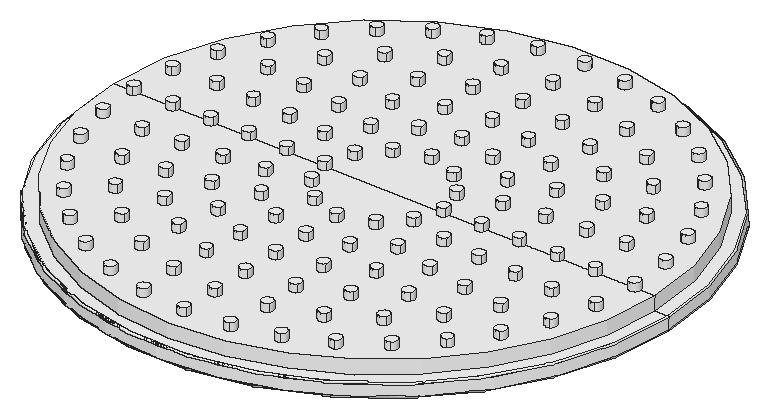
Revit family "Reece_Shower_GROHE_Rainshower_Overhead Shower_210mm", category Plumbing Fixtures, host Face, Revit 2018
Family settings
  Host = Face
  Round Connector Dimension = Use Diameter
  Part Type = Normal
  Cut with Voids When Loaded = No
  Shared = Yes
  Room Calculation Point = Yes
Parameters (values of type "Chrome")
  WFU = 0  # constant formula
  URL = "https://www.reece.com.au/product/-9506844"
  Type Comments = "Shower"
  Reece_Shower_Inlet = 12 mm  # constant formula
  Reece_Product_Web Page = "https://www.reece.com.au/product/-9506844"
  Reece_Product_Type = "Shower"  # constant formula
  Reece_Product_Sub Brand = "Rainshower"  # constant formula
  Reece_Product_Number = "9506844"
  Reece_Product_Mount = "Ceiling Mounted"
  Reece_Product_Description = "GROHE Rainshower Overhead Shower 210mm Chrome (3 Star)"
  Reece_Product_Brand = "GROHE"  # constant formula
  Reece_Overall_Height = 41 mm  # constant formula
  Reece_Overall-Diameter = 210 mm  # constant formula
  Reece_Material_Main [instance] = Reece_Brass_Chrome
  Reece_Detail_Disclaimer = "THIS FILE IS THE PROPERTY OF THE REECE GROUP. IT MAY NOT BE REPRODUCED, REVERSE-ENGINEERED OR MODIFIED. ANY REPUBLICATION, TRANSMISSION OR DISTRIBUTION FOR THE PURPOSE OF COMMERCIALLY EXPLOITING THE FILES IS PROHIBITED."  # constant formula
  Reece_Detail_Additional = "Overhead Shower"  # constant formula
  Model = "Rainshower"
  Manufacturer = "GROHE"
  Keynote = "Product #9506844, Reece_Shower_GROHE_Rainshower_Overhead Shower_210mm - Chrome"
  HWFU = 0  # constant formula
  Disclaimer = "THIS FILE IS THE PROPERTY OF THE REECE GROUP. IT MAY NOT BE REPRODUCED, REVERSE-ENGINEERED OR MODIFIED. ANY REPUBLICATION, TRANSMISSION OR DISTRIBUTION FOR THE PURPOSE OF COMMERCIALLY EXPLOITING THE FILES IS PROHIBITED."  # constant formula
  Description = "GROHE Rainshower Overhead Shower 210mm Chrome (3 Star)"
  Default Elevation = 0 mm
  CWFU = 0  # constant formula
Reference planes
  plane 1 "Center (Front/Back)": y = 0
  plane 2: z = 0
  plane 3 "Center (Left/Right)": x = 0
  plane 4: y = 105
  plane 5: y = -105
  plane 6: z = 41
  plane 7: x = -105
  plane 8: x = 105
Forms (mm)
  Revolve 1, solid, material "Reece_Brass_Chrome" <- "Reece_Material_Main"
    sketch origin (0, 0, -187) x (1, 0, 0) y (0, 0, 1)
      loop
        line (100, 220.4) -> (100, 225.4) -> (0, 225.4) -> (0, 187) -> (6, 187) -> (6, 191.03) -> (7.047, 191.03) -> (7.047, 187) -> (12.047, 187) -> (12.047, 193.754)
        arc (12.047, 193.754) -> (11.711, 194.564) -> (10.901, 194.9) r 1.146
        line (10.901, 194.9) -> (10.035, 194.9)
        arc (10.035, 194.9) -> (9.565, 195.752) -> (9.343, 196.7) r 3.564
        line (9.343, 196.7) -> (9.343, 197.7)
        arc (9.343, 197.7) -> (9.446, 198.332) -> (9.743, 198.9) r 2
        line (9.743, 198.9) -> (16.168, 198.9)
        arc (16.168, 198.9) -> (16.646, 199.098) -> (16.843, 199.575) r 0.675
        line (16.843, 199.575) -> (16.843, 202.7) -> (17.643, 202.7)
        arc (17.643, 202.7) -> (18.124, 202.888) -> (18.349, 203.352) r 0.707
        line (18.349, 203.352) -> (19, 211.7)
        arc (19, 211.7) -> (20.276, 214.333) -> (23, 215.4) r 4.012
        line (23, 215.4) -> (104.5, 215.4)
        arc (104.5, 215.4) -> (104.854, 215.546) -> (105, 215.9) r 0.5
        line (105, 215.9) -> (105, 219.9)
        arc (105, 219.9) -> (104.854, 220.254) -> (104.5, 220.4) r 0.5
        line (104.5, 220.4) -> (100, 220.4)
      axis (0, 225.4) -> (0, 187)
    angle from 0 to 360
  Extrusion 2, solid, material "Reece_Brass_Chrome" <- "Reece_Material_Main", detail levels fine
    sketch origin (2.068, -0.55, -4) x (0.866025, -0.5, 0) y (0.5, 0.866025, 0)
      loop
        circle (9.236, 17.47) r 2
      loop
        circle (-1.292, 20.706) r 2
      loop
        circle (19.65, 27.744) r 2
      loop
        circle (7.167, 33.9) r 2
      loop
        circle (-6.723, 34.811) r 2
      loop
        circle (31.171, 36.357) r 2
      loop
        circle (18.138, 44.821) r 2
      loop
        circle (3.126, 48.844) r 2
      loop
        circle (-12.394, 48.03) r 2
      loop
        circle (42.957, 44.466) r 2
      loop
        circle (29.77, 54.585) r 2
      loop
        circle (14.413, 60.946) r 2
      loop
        circle (-2.066, 63.116) r 2
      loop
        circle (-18.546, 60.946) r 2
      loop
        circle (54.752, 52.149) r 2
      loop
        circle (41.607, 63.465) r 2
      loop
        circle (26.275, 71.575) r 2
      loop
        circle (9.522, 76.064) r 2
      loop
        circle (-7.81, 76.73) r 2
      loop
        circle (-24.854, 73.517) r 2
      loop
        circle (68.722, 58.841) r 2
      loop
        circle (57.332, 70.231) r 2
      loop
        circle (44.137, 79.47) r 2
      loop
        circle (29.539, 86.277) r 2
      loop
        circle (13.98, 90.446) r 2
      loop
        circle (-2.066, 91.85) r 2
      loop
        circle (-18.113, 90.446) r 2
      loop
        circle (-33.671, 86.277) r 2
      loop
        circle (-23.329, -1.331) r 2
      loop
        circle (-20.868, 9.404) r 2
      loop
        circle (-37.434, -5.214) r 2
      loop
        circle (-36.524, 8.675) r 2
      loop
        circle (-30.368, 21.159) r 2
      loop
        circle (-50.654, -10.885) r 2
      loop
        circle (-51.467, 4.635) r 2
      loop
        circle (-47.445, 19.646) r 2
      loop
        circle (-38.981, 32.68) r 2
      loop
        circle (-63.57, -17.037) r 2
      loop
        circle (-65.739, -0.557) r 2
      loop
        circle (-63.57, 15.922) r 2
      loop
        circle (-57.209, 31.279) r 2
      loop
        circle (-47.09, 44.466) r 2
      loop
        circle (-76.12, -23.41) r 2
      loop
        circle (-79.348, -6.368) r 2
      loop
        circle (-78.705, 10.965) r 2
      loop
        circle (-74.216, 27.718) r 2
      loop
        circle (-66.127, 43.06) r 2
      loop
        circle (-54.822, 56.215) r 2
      loop
        circle (-88.901, -32.162) r 2
      loop
        circle (-93.07, -16.604) r 2
      loop
        circle (-94.473, -0.557) r 2
      loop
        circle (-93.07, 15.489) r 2
      loop
        circle (-88.901, 31.048) r 2
      loop
        circle (-82.093, 45.646) r 2
      loop
        circle (-72.854, 58.841) r 2
      loop
        circle (-61.464, 70.231) r 2
      loop
        circle (19.197, 0.217) r 2
      loop
        circle (16.735, -10.518) r 2
      loop
        circle (33.302, 4.099) r 2
      loop
        circle (32.391, -9.79) r 2
      loop
        circle (26.235, -22.274) r 2
      loop
        circle (46.521, 9.77) r 2
      loop
        circle (47.335, -5.75) r 2
      loop
        circle (43.312, -20.761) r 2
      loop
        circle (34.848, -33.795) r 2
      loop
        circle (59.437, 15.922) r 2
      loop
        circle (61.607, -0.557) r 2
      loop
        circle (59.437, -17.037) r 2
      loop
        circle (53.076, -32.394) r 2
      loop
        circle (42.957, -45.581) r 2
      loop
        circle (71.988, 22.295) r 2
      loop
        circle (75.216, 5.253) r 2
      loop
        circle (74.572, -12.079) r 2
      loop
        circle (70.083, -28.833) r 2
      loop
        circle (61.994, -44.175) r 2
      loop
        circle (50.69, -57.329) r 2
      loop
        circle (84.768, 31.048) r 2
      loop
        circle (88.937, 15.489) r 2
      loop
        circle (90.341, -0.557) r 2
      loop
        circle (88.937, -16.604) r 2
      loop
        circle (84.768, -32.162) r 2
      loop
        circle (77.961, -46.761) r 2
      loop
        circle (68.722, -59.956) r 2
      loop
        circle (57.332, -71.345) r 2
      loop
        circle (-13.368, -18.585) r 2
      loop
        circle (-2.84, -21.82) r 2
      loop
        circle (-23.783, -28.859) r 2
      loop
        circle (-11.299, -35.015) r 2
      loop
        circle (2.59, -35.925) r 2
      loop
        circle (-35.304, -37.472) r 2
      loop
        circle (-22.27, -45.936) r 2
      loop
        circle (-7.259, -49.958) r 2
      loop
        circle (8.261, -49.145) r 2
      loop
        circle (-47.09, -45.581) r 2
      loop
        circle (-33.903, -55.7) r 2
      loop
        circle (-18.546, -62.061) r 2
      loop
        circle (-2.066, -64.23) r 2
      loop
        circle (14.413, -62.061) r 2
      loop
        circle (-58.884, -53.264) r 2
      loop
        circle (-45.74, -64.58) r 2
      loop
        circle (-30.407, -72.689) r 2
      loop
        circle (-13.654, -77.178) r 2
      loop
        circle (3.677, -77.844) r 2
      loop
        circle (20.722, -74.631) r 2
      loop
        circle (-72.854, -59.956) r 2
      loop
        circle (-61.464, -71.345) r 2
      loop
        circle (-48.27, -80.584) r 2
      loop
        circle (-33.671, -87.392) r 2
      loop
        circle (-18.113, -91.561) r 2
      loop
        circle (-2.066, -92.964) r 2
      loop
        circle (13.98, -91.561) r 2
      loop
        circle (29.539, -87.392) r 2
      loop
        circle (16.979, 10.313) r 2
      loop
        circle (29.103, 17.313) r 2
      loop
        circle (41.227, 24.313) r 2
      loop
        circle (53.352, 31.313) r 2
      loop
        circle (65.476, 38.313) r 2
      loop
        circle (-21.003, -11.616) r 2
      loop
        circle (-33.127, -18.616) r 2
      loop
        circle (-45.252, -25.616) r 2
      loop
        circle (-57.376, -32.616) r 2
      loop
        circle (-69.5, -39.616) r 2
      loop
        circle (-82.11, -46.775) r 2
      loop
        circle (77.981, 45.654) r 2
      loop
        circle (-13.125, 18.379) r 2
      loop
        circle (-20.125, 30.504) r 2
      loop
        circle (-27.125, 42.628) r 2
      loop
        circle (-34.125, 54.752) r 2
      loop
        circle (-41.125, 66.877) r 2
      loop
        circle (-48.187, 79.542) r 2
      loop
        circle (8.804, -19.602) r 2
      loop
        circle (15.804, -31.727) r 2
      loop
        circle (22.804, -43.851) r 2
      loop
        circle (29.804, -55.975) r 2
      loop
        circle (36.804, -68.1) r 2
      loop
        circle (44.242, -80.549) r 2
    from 42.4 to 45
  Extrusion 3, void
    sketch origin (0, 0, 0) x (1, 0, 0) y (0, 0, 1)
      loop
        line (-5.649, 7.158) -> (-5.649, 0) -> (5.751, 0) -> (5.751, 7.177)
        arc (5.751, 7.177) -> (5.529, 7.81) -> (4.96, 8.164) r 1.012
        arc (4.96, 8.164) -> (0.015, 8.688) -> (-4.92, 8.082) r 21.881
        arc (-4.92, 8.082) -> (-5.445, 7.746) -> (-5.649, 7.158) r 0.951
    from 7.91 to 15.941
  Extrusion 4, void
    sketch origin (0, 0, 0) x (1, 0, 0) y (0, 0, -1)
      loop
        arc (-5.649, -7.158) -> (-5.445, -7.746) -> (-4.92, -8.082) r 0.951
        arc (-4.92, -8.082) -> (0.015, -8.688) -> (4.96, -8.164) r 21.881
        arc (4.96, -8.164) -> (5.529, -7.81) -> (5.751, -7.177) r 1.012
        line (5.751, -7.177) -> (5.751, 0) -> (-5.649, 0) -> (-5.649, -7.158)
    from 7.81 to 15.95
Cuts and joins
  Extrusion 3, Extrusion 4 cuts Revolve 1
Text (mm)
  text "Reece Copyright © 2018, Reece Ltd." at (-684.407, -223.434, 0), in view "Ref. Level"
  text "Reece ©" at (-376.822, 575.02, -217.389), in view "Reece_Preview"
Dimensions and locks
  equal spacing: plane 4, plane 1 "Center (Front/Back)", plane 5
  "Reece_Overall-Diameter": plane 4 to plane 5
  "Reece_Overall_Height": plane 6 to level
  aligned and locked: host face to plane 2
  aligned and locked: level to host face
Automatic sketch dimensions
  host sketch curve to host sketch curve = 444.296 mm
  host sketch curve to host sketch curve = 436.293 mm
  Extrusion 2 sketch curve to Extrusion 2 sketch curve = 0 mm  (x109)
  Extrusion 2 sketch curve to Extrusion 2 sketch curve = 15.125 mm
  Extrusion 2 sketch curve to Extrusion 2 sketch curve = 14.365 mm  (x2)
  Extrusion 2 sketch curve to Extrusion 2 sketch curve = 12.78 mm  (x2)
  Extrusion 2 sketch curve to Extrusion 2 sketch curve = 14.685 mm  (x2)
  Extrusion 2 sketch curve to Extrusion 2 sketch curve = 12.61 mm
  Extrusion 2 sketch curve to Extrusion 2 sketch curve = 15.966 mm
  Extrusion 2 sketch curve to Extrusion 2 sketch curve = 13.609 mm  (x2)
  Extrusion 2 sketch curve to Extrusion 2 sketch curve = 12.551 mm  (x2)
  Extrusion 2 sketch curve to Extrusion 2 sketch curve = 10.646 mm  (x2)
  Extrusion 2 sketch curve to Extrusion 2 sketch curve = 13.97 mm  (x2)
  Extrusion 2 sketch curve to Extrusion 2 sketch curve = 12.124 mm  (x14)
  Extrusion 2 sketch curve to Extrusion 2 sketch curve = 8.918 mm  (x2)
  Extrusion 2 sketch curve to Extrusion 2 sketch curve = 6.642 mm  (x2)
  Extrusion 2 sketch curve to Extrusion 2 sketch curve = 14.272 mm  (x4)
  Extrusion 2 sketch curve to Extrusion 2 sketch curve = 12.916 mm  (x4)
  Extrusion 2 sketch curve to Extrusion 2 sketch curve = 9.764 mm  (x4)
  Extrusion 2 sketch curve to Extrusion 2 sketch curve = 11.794 mm  (x2)
  Extrusion 2 sketch curve to Extrusion 2 sketch curve = 7.732 mm  (x2)
  Extrusion 2 sketch curve to Extrusion 2 sketch curve = 2.53 mm
  Extrusion 2 sketch curve to Extrusion 2 sketch curve = 7.062 mm
  Extrusion 2 sketch curve to Extrusion 2 sketch curve = 8.109 mm  (x4)
  Extrusion 2 sketch curve to Extrusion 2 sketch curve = 13.22 mm  (x4)
  Extrusion 2 sketch curve to Extrusion 2 sketch curve = 0.91 mm  (x2)
  Extrusion 2 sketch curve to Extrusion 2 sketch curve = 11.786 mm  (x4)
  Extrusion 2 sketch curve to Extrusion 2 sketch curve = 7 mm  (x12)
  Extrusion 2 sketch curve to Extrusion 2 sketch curve = 11.837 mm  (x2)
  Extrusion 2 sketch curve to Extrusion 2 sketch curve = 3.264 mm  (x2)
  Extrusion 2 sketch curve to Extrusion 2 sketch curve = 6.156 mm  (x4)
  Extrusion 2 sketch curve to Extrusion 2 sketch curve = 8.817 mm  (x2)
  Extrusion 2 sketch curve to Extrusion 2 sketch curve = 9.345 mm  (x2)
  Extrusion 2 sketch curve to Extrusion 2 sketch curve = 14.105 mm
  Extrusion 2 sketch curve to Extrusion 2 sketch curve = 11.633 mm  (x4)
  Extrusion 2 sketch curve to Extrusion 2 sketch curve = 2.326 mm
  Extrusion 2 sketch curve to Extrusion 2 sketch curve = 2.462 mm
  Extrusion 2 sketch curve to Extrusion 2 sketch curve = 10.243 mm  (x2)
  Extrusion 2 sketch curve to Extrusion 2 sketch curve = 11.861 mm  (x2)
  Extrusion 2 sketch curve to Extrusion 2 sketch curve = 6.308 mm  (x2)
  Extrusion 2 sketch curve to Extrusion 2 sketch curve = 4.458 mm  (x2)
  Extrusion 2 sketch curve to Extrusion 2 sketch curve = 7.635 mm
  Extrusion 2 sketch curve to Extrusion 2 sketch curve = 7.743 mm  (x2)
  Extrusion 2 sketch curve to Extrusion 2 sketch curve = 6.152 mm  (x4)
  Extrusion 2 sketch curve to Extrusion 2 sketch curve = 12.484 mm  (x4)
  Extrusion 2 sketch curve to Extrusion 2 sketch curve = 10.303 mm
  Extrusion 2 sketch curve to Extrusion 2 sketch curve = 4.041 mm  (x2)
  Extrusion 2 sketch curve to Extrusion 2 sketch curve = 13.402 mm
  Extrusion 2 sketch curve to Extrusion 2 sketch curve = 10.528 mm  (x2)
  Extrusion 2 sketch curve to Extrusion 2 sketch curve = 5.192 mm  (x4)
  Extrusion 2 sketch curve to Extrusion 2 sketch curve = 16.046 mm
  Extrusion 2 sketch curve to Extrusion 2 sketch curve = 5.743 mm  (x2)
  Extrusion 2 sketch curve to Extrusion 2 sketch curve = 11.832 mm
  Extrusion 2 sketch curve to Extrusion 2 sketch curve = 13.889 mm  (x4)
  Extrusion 2 sketch curve to Extrusion 2 sketch curve = 5.671 mm  (x3)
  Extrusion 2 sketch curve to Extrusion 2 sketch curve = 11.645 mm
  Extrusion 2 sketch curve to Extrusion 2 sketch curve = 17.331 mm
  Extrusion 2 sketch curve to Extrusion 2 sketch curve = 4.892 mm
  Extrusion 2 sketch curve to Extrusion 2 sketch curve = 13.214 mm  (x2)
  Extrusion 2 sketch curve to Extrusion 2 sketch curve = 7.931 mm
  Extrusion 2 sketch curve to Extrusion 2 sketch curve = 10.971 mm  (x3)
  Extrusion 2 sketch curve to Extrusion 2 sketch curve = 2.218 mm
  Extrusion 2 sketch curve to Extrusion 2 sketch curve = 10.431 mm  (x2)
  Extrusion 2 sketch curve to Extrusion 2 sketch curve = 11.521 mm  (x3)
  Extrusion 2 sketch curve to Extrusion 2 sketch curve = 4.199 mm  (x2)
  Extrusion 2 sketch curve to Extrusion 2 sketch curve = 8.613 mm  (x3)
  Extrusion 2 sketch curve to Extrusion 2 sketch curve = 10.921 mm  (x3)
  Extrusion 2 sketch curve to Extrusion 2 sketch curve = 14.598 mm  (x3)
  Extrusion 2 sketch curve to Extrusion 2 sketch curve = 7.438 mm
  Extrusion 2 sketch curve to Extrusion 2 sketch curve = 14.943 mm  (x3)
  Extrusion 2 sketch curve to Extrusion 2 sketch curve = 13.195 mm  (x3)
  Extrusion 2 sketch curve to Extrusion 2 sketch curve = 12.103 mm
  Extrusion 2 sketch curve to Extrusion 2 sketch curve = 11.39 mm  (x3)
  Extrusion 2 sketch curve to Extrusion 2 sketch curve = 15.135 mm
  Extrusion 2 sketch curve to Extrusion 2 sketch curve = 9.239 mm  (x3)
  Extrusion 2 sketch curve to Extrusion 2 sketch curve = 12.505 mm
  Extrusion 2 sketch curve to Extrusion 2 sketch curve = 4.169 mm  (x3)
  Extrusion 2 sketch curve to Extrusion 2 sketch curve = 1.404 mm  (x3)
  Extrusion 2 sketch curve to Extrusion 2 sketch curve = 0.774 mm
  Extrusion 2 sketch curve to Extrusion 2 sketch curve = 3.882 mm
  Extrusion 2 sketch curve to Extrusion 2 sketch curve = 5.811 mm  (x2)
  Extrusion 2 sketch curve to Extrusion 2 sketch curve = 10.735 mm  (x2)
  Extrusion 2 sketch curve to Extrusion 2 sketch curve = 10.284 mm
  Extrusion 2 sketch curve to Extrusion 2 sketch curve = 11.522 mm
  Extrusion 2 sketch curve to Extrusion 2 sketch curve = 4.524 mm  (x2)
  Extrusion 2 sketch curve to Extrusion 2 sketch curve = 4.958 mm  (x2)
  Extrusion 2 sketch curve to Extrusion 2 sketch curve = 6.969 mm
  Extrusion 2 sketch curve to Extrusion 2 sketch curve = 9.084 mm
  Extrusion 2 sketch curve to Extrusion 2 sketch curve = 3.236 mm  (x2)
  Extrusion 2 sketch curve to Extrusion 2 sketch curve = 6.373 mm  (x2)
  Extrusion 2 sketch curve to Extrusion 2 sketch curve = 11.795 mm  (x2)
  Extrusion 2 sketch curve to Extrusion 2 sketch curve = 8.752 mm  (x2)
  Extrusion 2 sketch curve to Extrusion 2 sketch curve = 3.33 mm  (x2)
  Extrusion 2 sketch curve to Extrusion 2 sketch curve = 11.781 mm  (x2)
  Extrusion 2 sketch curve to Extrusion 2 sketch curve = 7.159 mm
  Extrusion 2 sketch curve to Extrusion 2 sketch curve = 7.683 mm  (x2)
  Extrusion 2 sketch curve to Extrusion 2 sketch curve = 11.748 mm  (x2)
  Extrusion 2 sketch curve to Extrusion 2 sketch curve = 6.692 mm  (x2)
  Extrusion 2 sketch curve to Extrusion 2 sketch curve = 16.125 mm  (x2)
  Extrusion 2 sketch curve to Extrusion 2 sketch curve = 8.88 mm  (x2)
  Extrusion 2 sketch curve to Extrusion 2 sketch curve = 14.016 mm  (x2)
  Extrusion 2 sketch curve to Extrusion 2 sketch curve = 10.629 mm  (x2)
  Extrusion 2 sketch curve to Extrusion 2 sketch curve = 12.571 mm  (x2)
  Extrusion 2 sketch curve to Extrusion 2 sketch curve = 15.118 mm  (x2)
  Extrusion 2 sketch curve to Extrusion 2 sketch curve = 13.614 mm  (x2)
  Extrusion 2 sketch curve to Extrusion 2 sketch curve = 12.449 mm
  Extrusion 2 sketch curve to Extrusion 2 sketch curve = 14.702 mm  (x2)
  Extrusion 2 sketch curve to Extrusion 2 sketch curve = 6.843 mm
  Extrusion 2 sketch curve to Extrusion 2 sketch curve = 14.382 mm  (x2)
  Extrusion 2 sketch curve to Extrusion 2 sketch curve = 10.096 mm
  Extrusion 2 sketch curve to Extrusion 2 sketch curve = 17.333 mm
  Extrusion 2 sketch curve to Extrusion 2 sketch curve = 7.157 mm
  Extrusion 2 sketch curve to Extrusion 2 sketch curve = 8.975 mm
  Extrusion 2 sketch curve to Extrusion 2 sketch curve = 7.341 mm
  Extrusion 2 sketch curve to Extrusion 2 sketch curve = 12.666 mm
  Extrusion 2 sketch curve to Extrusion 2 sketch curve = 12.76 mm
  Extrusion 2 sketch curve to Extrusion 2 sketch curve = 1.733 mm  (x34)
  Extrusion 2 sketch curve to Extrusion 2 sketch curve = 0.002 mm  (x34)
  Extrusion 2 sketch curve to Extrusion 2 sketch curve = 1 mm  (x2)
  Extrusion 2 sketch curve to Extrusion 2 sketch curve = 2 mm  (x18)
  Extrusion 2 sketch curve to Extrusion 2 sketch curve = 0.998 mm  (x17)
  Extrusion 2 sketch curve to Extrusion 2 sketch curve = 1.732 mm
  Extrusion 2 sketch curve to Extrusion 2 sketch curve = 11.544 mm
  Extrusion 2 sketch curve to Extrusion 2 sketch curve = 13.515 mm
  Extrusion 2 sketch curve to Extrusion 2 sketch curve = 15.556 mm  (x2)
  Extrusion 2 sketch curve to Extrusion 2 sketch curve = 9.657 mm
  Extrusion 2 sketch curve to Extrusion 2 sketch curve = 14.561 mm  (x2)
  Extrusion 2 sketch curve to Extrusion 2 sketch curve = 9.203 mm
  Extrusion 2 sketch curve to Extrusion 2 sketch curve = 15.561 mm
  Extrusion 2 sketch curve to Extrusion 2 sketch curve = 16.044 mm
  Extrusion 2 sketch curve to Extrusion 2 sketch curve = 13.197 mm
  Extrusion 2 sketch curve to Extrusion 2 sketch curve = 14.601 mm
  Extrusion 2 sketch curve to Extrusion 2 sketch curve = 2.436 mm
  Extrusion 2 sketch curve to Extrusion 2 sketch curve = 5.057 mm
  Extrusion 2 sketch curve to Extrusion 2 sketch curve = 7.523 mm
  Extrusion 2 sketch curve to Extrusion 2 sketch curve = 11.392 mm
  Extrusion 2 sketch curve to Extrusion 2 sketch curve = 3.137 mm
  Extrusion 2 sketch curve to Extrusion 2 sketch curve = 0.329 mm
  Extrusion 2 sketch curve to Extrusion 2 sketch curve = 0.596 mm
  Extrusion 2 sketch curve to Extrusion 2 sketch curve = 14.113 mm
  Extrusion 2 sketch curve to Extrusion 2 sketch curve = 5.902 mm
  plane 7 to Extrusion 2 sketch curve = 24.973 mm
  Extrusion 2 sketch curve to plane 1 "Center (Front/Back)" = 46.204 mm
  Extrusion 2 sketch curve to Extrusion 2 sketch curve = 7.506 mm
  Revolve 1 sketch curve to plane 3 "Center (Left/Right)" = 0 mm  (x2)
  Revolve 1 sketch curve to level = 0 mm  (x2)
  Revolve 1 sketch curve to plane 8 = 0 mm
  plane 3 "Center (Left/Right)" to Revolve 1 sketch curve = 6 mm
  Revolve 1 sketch curve to Revolve 1 sketch curve = 3.343 mm
  Revolve 1 sketch curve to Revolve 1 sketch curve = 0.4 mm
  Revolve 1 sketch curve to Revolve 1 sketch curve = 0.691 mm
  Revolve 1 sketch curve to Revolve 1 sketch curve = 0.866 mm
  Revolve 1 sketch curve to Revolve 1 sketch curve = 1.6 mm
  Revolve 1 sketch curve to Revolve 1 sketch curve = 6.047 mm
  Revolve 1 sketch curve to Revolve 1 sketch curve = 1.549 mm
  Revolve 1 sketch curve to Revolve 1 sketch curve = 3.276 mm
  Revolve 1 sketch curve to Revolve 1 sketch curve = 0.675 mm
  Revolve 1 sketch curve to Revolve 1 sketch curve = 0.8 mm
  Revolve 1 sketch curve to Revolve 1 sketch curve = 0.705 mm
  Revolve 1 sketch curve to Revolve 1 sketch curve = 0.651 mm
  Revolve 1 sketch curve to Revolve 1 sketch curve = 4 mm  (x2)
  Revolve 1 sketch curve to plane 8 = 5 mm
  Revolve 1 sketch curve to plane 8 = 0.5 mm  (x2)
  Revolve 1 sketch curve to Revolve 1 sketch curve = 4.03 mm
  Revolve 1 sketch curve to Revolve 1 sketch curve = 2.724 mm
  Revolve 1 sketch curve to Revolve 1 sketch curve = 1.8 mm
  Revolve 1 sketch curve to Revolve 1 sketch curve = 0.669 mm
  Revolve 1 sketch curve to Revolve 1 sketch curve = 3.125 mm
  Revolve 1 sketch curve to Revolve 1 sketch curve = 0.652 mm
  Revolve 1 sketch curve to Revolve 1 sketch curve = 8.036 mm
  Revolve 1 sketch curve to Revolve 1 sketch curve = 0.312 mm
  Revolve 1 sketch curve to plane 6 = 2.6 mm
  Revolve 1 sketch curve to Revolve 1 sketch curve = 1.047 mm
  Revolve 1 sketch curve to level = 796.6 mm
  plane 6 to Revolve 1 sketch curve = 122.4 mm
  Extrusion 3 sketch curve to level = 0 mm
  Extrusion 3 sketch curve to plane 3 "Center (Left/Right)" = 5.649 mm
  Extrusion 3 sketch curve to Extrusion 3 sketch curve = 0.951 mm
  plane 3 "Center (Left/Right)" to Extrusion 3 sketch curve = 0.197 mm
  plane 3 "Center (Left/Right)" to Extrusion 3 sketch curve = 4.74 mm
  plane 3 "Center (Left/Right)" to Extrusion 3 sketch curve = 5.751 mm
  Extrusion 3 sketch curve to level = 13.192 mm
  Extrusion 3 sketch curve to Extrusion 3 sketch curve = 7.158 mm
  Extrusion 3 sketch curve to Extrusion 3 sketch curve = 7.177 mm
  Extrusion 3 sketch curve to Extrusion 3 sketch curve = 0 mm
  Extrusion 4 sketch curve to level = 0 mm
  Extrusion 4 sketch curve to plane 3 "Center (Left/Right)" = 5.649 mm
  Extrusion 4 sketch curve to Extrusion 4 sketch curve = 0.951 mm
  plane 3 "Center (Left/Right)" to Extrusion 4 sketch curve = 0.197 mm
  plane 3 "Center (Left/Right)" to Extrusion 4 sketch curve = 4.74 mm
  plane 3 "Center (Left/Right)" to Extrusion 4 sketch curve = 5.751 mm
  Extrusion 4 sketch curve to Extrusion 4 sketch curve = 7.158 mm
  level to Extrusion 4 sketch curve = 7.177 mm
  Extrusion 4 sketch curve to level = 13.192 mm
  Extrusion 4 sketch curve to Extrusion 4 sketch curve = 0 mm
  radius of Extrusion 2 sketch curve = 2 mm  (x100)
Connectors
  piping at (0, 0, 0), diameter 12, driven by "Reece_Shower_Inlet"
    settings: on cut or joined group of Revolve 1, Extrusion 3, Extrusion 4, index 1, connector inside diameter 609.6 mm, connector length 0 mm, flow factor 0, pipe flow 0.0 L/s, pressure drop 0.0 Pa, fitting loss kfactor 0, connector angle 0.00°, fixture units 0, engagement length 0 mm, angle of deflection 0.00°, flow configuration 0, flow direction 1, fitting loss method 0, system type 29, joint type 0, gender type 0, connector reference index -1, connector utility 0, adjustable connector no, is connector primary yes, connector description ""
